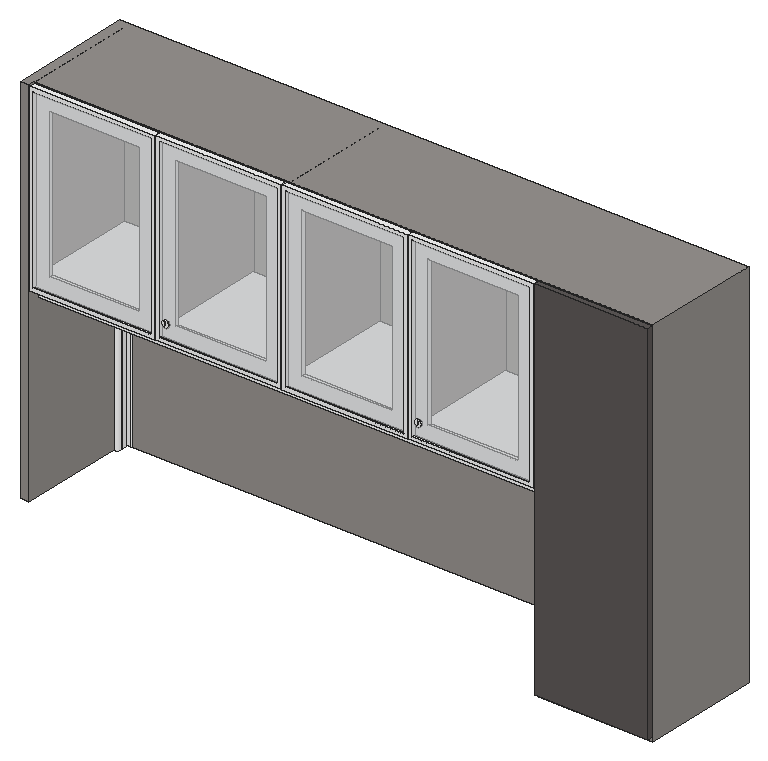
Revit family "Storage-Mounted-Teknion-B_ELG_Single_Tower_Hutch-R2015", category Furniture, Revit 2015
Parameters (values of type "1-3/16" Thick WS")
  Width [instance] = 72.000"
  Warranty = "http://www.teknion.com/ca/papers/legal-canada"
  Unit Weight URL = "http://www.teknion.com/ca/tools/assets#&asset=bee6a381-b954-425e-8283-5a2de3a804f2,f828d448-4b62-4231-9e5f-9a8991c0ed77"
  URL = "www.teknion.com"
  Sustainability Data = "http://www.teknion.com/ca/tools/assets#&topic=216f99a5-57a0-44fc-b10a-9dee9b29ae4c&asset=444deb64-fe58-4b68-981e-f75e97781df7"
  Series = "Expansion Casegoods"  # constant formula
  Product Page URL = "http://www.teknion.com/ca/products/product-details?productlineid=0053336e-8e7a-673b-a6c8-ff00004460c4"
  Product Line = "Expansion Casegoods"  # constant formula
  Product Documentation Link = "http://www.teknion.com/pricing/expansion-casegoods/pdfs/B_ELG_ppg.pdf"
  Part Number = "B_ELG"  # constant formula
  Note [instance] = "Available Widths range from 36 to 84 inches in 6 inch increments. Available Heights are 37 and 43 inches."  # constant formula
  Model = "BMELG15___"
  Manufacturer Phone = "416-661-3370"  # constant formula
  Manufacturer Fax = "416.661.4586"  # constant formula
  Manufacturer Contact Information = "http://www.teknion.com/ca/contactus"
  Manufacturer Address = "1150 Flint Road, Toronto, ON. M3J 2J5. Canada"  # constant formula
  Manufacturer = "Teknion"  # constant formula
  Height [instance] = 43.000"
  Hardware Finish [instance] = Mica - Teknion - V - Satin - Very White
  Glass Finish [instance] = Glass - Teknion - FT - Frosted Glass
  Frame Finish [instance] = Mica - Teknion - V - Satin - Very White
  Door Finish [instance] = Veneer - Teknion - VB - Flintwood - Black Walnut
  Description = "Single Tower Hutch – Solid and Glass Doors, 1-3/16\" Thick WS, 15\" Depth"
  Case Finish [instance] = Source Laminate - Teknion - DE - Latte
  Assembly Code = "E2020200"
  Actual Width [instance] = if(Width = 36.000", 35.819", if(Width = 42.000", 41.791", if(Width = 48.000", 47.760", if(Width = 54.000", 53.728", if(Width = 60.000", 59.701", if(Width = 66.000", 65.669", if(Width = 72.000", 71.642", if(Width = 78.000", 77.610", 83.579"))))))))  # 71.642"
  Actual Height [instance] = if(Height = 43.000", 42.594", 36.354")  # 42.594"
  4 Cabinets [instance] = or(Width = 72.000", Width = 78.000", Width = 84.000")  # yes
  3 Cabinets [instance] = or(Width = 54.000", Width = 60.000", Width = 66.000")  # no
  2 Cabinets Divider [instance] = or([2 Cabinets], [4 Cabinets])  # yes
  2 Cabinets [instance] = or(Width = 36.000", Width = 42.000", Width = 48.000")  # no
Reference planes (in)
  plane 1 "Center Front/Back": y = 0
  plane 2: z = 0
  plane 3 "Center Left/Right": x = 0
  plane 4 "Left": x = -35.821
  plane 5 "Right": x = 35.821
  plane 6 "Back": y = 7.12598
  plane 7 "Front": y = -6.4252
  plane 8 "Top": z = 71.34355
  plane 9: z = 28.74955
  plane 10: x = -34.80525
  plane 11: y = 6.4252
  plane 12: x = 22.80525
  plane 13: z = 71.22544
  plane 14: y = -7.12598
  plane 15: z = 29.23331
  plane 16: z = 50.31599
  plane 17: x = -20.40263
  plane 18: x = -6
  plane 19: x = 8.40263
  plane 20: x = -15.60175
  plane 21: x = 3.60175
  plane 22: y = -6.77165
  plane 23: y = -7.00787
Forms (in)
  Extrusion 1, solid, material "Source Laminate - Teknion - DE - Latte" <- "Case Finish"
    sketch origin (0, 0, 0) x (1, 0, 0) y (0, 1, 0)
      loop
        line (-35.821, 7.12598) -> (-35.821, -7.12598) -> (-34.80525, -7.12598) -> (-34.80525, -6.4252) -> (35.821, -6.4252) -> (35.821, 7.12598) -> (-35.821, 7.12598)
    from 28.74955 to 71.34355
  Extrusion 2, void
    sketch origin (0, -6.4252, 0) x (-1, 0, 0) y (0, 0, -1)
      loop
        line (34.80525, -28.74955) -> (-22.80525, -28.74955) -> (-22.80525, -71.22544) -> (34.80525, -71.22544) -> (34.80525, -28.74955)
    from -12.85039 to 0
  Extrusion 3, solid, material "Mica - Teknion - V - Satin - Very White" <- "Hardware Finish"
    sketch origin (0, 0, 0) x (1, 0, 0) y (0, 1, 0)
      loop
        line (-33.93832, 6.4252) -> (-34.80525, 6.4252) -> (-34.80525, 4.92454)
        arc (-34.80525, 4.92454) -> (-34.48542, 5.0411) -> (-34.31509, 5.33583) r 0.49823
        line (-34.31509, 5.33583) -> (-34.72651, 5.33583) -> (-34.72651, 5.78425) -> (-34.39383, 5.78425) -> (-34.39383, 5.66181) -> (-34.31509, 5.66181) -> (-34.31509, 6.01181) -> (-34.72651, 6.01181) -> (-34.72651, 6.34646) -> (-34.00397, 6.34646) -> (-33.93832, 6.4252)
    from 28.74955 to 50.31599
  Extrusion 4, solid, material "Mica - Teknion - V - Satin - Very White" <- "Hardware Finish"
    sketch origin (-12, 0, 0) x (-1, 0, 0) y (0, -1, 0)
      loop
        line (-33.93832, -6.4252) -> (-34.00397, -6.34646) -> (-34.72651, -6.34646) -> (-34.72651, -6.01181) -> (-34.31509, -6.01181) -> (-34.31509, -5.66181) -> (-34.39383, -5.66181) -> (-34.39383, -5.78425) -> (-34.72651, -5.78425) -> (-34.72651, -5.33583) -> (-34.31509, -5.33583)
        arc (-34.31509, -5.33583) -> (-34.48542, -5.0411) -> (-34.80525, -4.92454) r 0.49823
        line (-34.80525, -4.92454) -> (-34.80525, -6.4252) -> (-33.93832, -6.4252)
    from 28.74955 to 50.31599
  Extrusion 5, solid, material "Mica - Teknion - V - Satin - Very White" <- "Hardware Finish"
    sketch origin (0, 0, 0) x (0, 1, 0) y (0, 0, 1)
      loop
        line (-5.12992, 50.31599) -> (6.4252, 50.31599) -> (6.4252, 51.53646) -> (-6.4252, 51.53646) -> (-6.4252, 50.53646) -> (-5.8622, 50.53646) -> (-5.8622, 49.15851) -> (-5.12992, 49.15851) -> (-5.12992, 50.31599)
    from -34.80525 to 22.80525
  Extrusion 6, solid, material "Mica - Teknion - V - Satin - Very White" <- "Frame Finish", visible <- "4 Cabinets"
    sketch origin (0, -6.4252, 0) x (-1, 0, 0) y (0, 0, -1)
      loop
        line (34.7462, -71.22544) -> (34.7462, -50.33961) -> (20.46168, -50.33961) -> (20.46168, -71.22544) -> (34.7462, -71.22544)
      loop
        line (20.85538, -50.73331) -> (20.85538, -70.83174) -> (34.3525, -70.83174) -> (34.3525, -50.73331) -> (20.85538, -50.73331)
    from 0 to 0.70079
  Extrusion 7, solid, material "Glass - Teknion - FT - Frosted Glass" <- "Glass Finish", visible <- "4 Cabinets"
    sketch origin (0, -6.4252, 0) x (-1, 0, 0) y (0, 0, -1)
      loop
        line (34.3525, -70.83174) -> (34.3525, -50.73331) -> (20.85538, -50.73331) -> (20.85538, -70.83174) -> (34.3525, -70.83174)
    from 0.34646 to 0.58268
  Extrusion 8, solid, material "Source Laminate - Teknion - DE - Latte" <- "Case Finish", visible <- "4 Cabinets"
    sketch origin (0, 0, 0) x (1, 0, 0) y (0, 1, 0)
      loop
        line (-20.05183, -6.4252) -> (-20.05183, 6.4252) -> (-20.75283, 6.4252) -> (-20.75283, -6.4252) -> (-20.05183, -6.4252)
    from 51.53646 to 71.22544
  Extrusion 9, solid, material "Source Laminate - Teknion - DE - Latte" <- "Case Finish", visible <- "2 Cabinets Divider"
    sketch origin (17.38681, 0, 0) x (1, 0, 0) y (0, 1, 0)
      loop
        line (-23.03601, -6.4252) -> (-23.03601, 6.4252) -> (-23.73701, 6.4252) -> (-23.73701, -6.4252) -> (-23.03601, -6.4252)
    from 51.53646 to 71.22544
  Extrusion 10, solid, material "Source Laminate - Teknion - DE - Latte" <- "Case Finish", visible <- "4 Cabinets"
    sketch origin (34.77362, 0, 0) x (1, 0, 0) y (0, 1, 0)
      loop
        line (-26.0202, -6.4252) -> (-26.0202, 6.4252) -> (-26.7212, 6.4252) -> (-26.7212, -6.4252) -> (-26.0202, -6.4252)
    from 51.53646 to 71.22544
  Extrusion 11, solid, material "Veneer - Teknion - VB - Flintwood - Black Walnut" <- "Door Finish"
    sketch origin (0, -6.4252, 0) x (-1, 0, 0) y (0, 0, -1)
      loop
        line (-35.76194, -29.23331) -> (-35.76194, -71.22555) -> (-22.86431, -71.22555) -> (-22.86431, -29.23331) -> (-35.76194, -29.23331)
    from 0 to 0.70079
  Extrusion 12, solid, material "Mica - Teknion - V - Satin - Very White" <- "Frame Finish", visible <- "4 Cabinets"
    sketch origin (17.38681, -6.4252, 0) x (-1, 0, 0) y (0, 0, -1)
      loop
        line (37.73038, -71.22544) -> (37.73038, -50.33961) -> (23.44587, -50.33961) -> (23.44587, -71.22544) -> (37.73038, -71.22544)
      loop
        line (23.83957, -50.73331) -> (23.83957, -70.83174) -> (37.33668, -70.83174) -> (37.33668, -50.73331) -> (23.83957, -50.73331)
    from 0 to 0.70079
  Extrusion 13, solid, material "Glass - Teknion - FT - Frosted Glass" <- "Glass Finish", visible <- "4 Cabinets"
    sketch origin (17.38681, -6.4252, 0) x (-1, 0, 0) y (0, 0, -1)
      loop
        line (37.33668, -70.83174) -> (37.33668, -50.73331) -> (23.83957, -50.73331) -> (23.83957, -70.83174) -> (37.33668, -70.83174)
    from 0.34646 to 0.58268
  Extrusion 14, solid, material "Mica - Teknion - V - Satin - Very White" <- "Frame Finish", visible <- "4 Cabinets"
    sketch origin (34.77362, -6.4252, 0) x (-1, 0, 0) y (0, 0, -1)
      loop
        line (40.71457, -71.22544) -> (40.71457, -50.33961) -> (26.43005, -50.33961) -> (26.43005, -71.22544) -> (40.71457, -71.22544)
      loop
        line (26.82375, -50.73331) -> (26.82375, -70.83174) -> (40.32087, -70.83174) -> (40.32087, -50.73331) -> (26.82375, -50.73331)
    from 0 to 0.70079
  Extrusion 15, solid, material "Glass - Teknion - FT - Frosted Glass" <- "Glass Finish", visible <- "4 Cabinets"
    sketch origin (34.77362, -6.4252, 0) x (-1, 0, 0) y (0, 0, -1)
      loop
        line (40.32087, -70.83174) -> (40.32087, -50.73331) -> (26.82375, -50.73331) -> (26.82375, -70.83174) -> (40.32087, -70.83174)
    from 0.34646 to 0.58268
  Extrusion 16, solid, material "Mica - Teknion - V - Satin - Very White" <- "Frame Finish", visible <- "4 Cabinets"
    sketch origin (52.16043, -6.4252, 0) x (-1, 0, 0) y (0, 0, -1)
      loop
        line (43.69875, -71.22544) -> (43.69875, -50.33961) -> (29.41424, -50.33961) -> (29.41424, -71.22544) -> (43.69875, -71.22544)
      loop
        line (29.80794, -50.73331) -> (29.80794, -70.83174) -> (43.30505, -70.83174) -> (43.30505, -50.73331) -> (29.80794, -50.73331)
    from 0 to 0.70079
  Extrusion 17, solid, material "Glass - Teknion - FT - Frosted Glass" <- "Glass Finish", visible <- "4 Cabinets"
    sketch origin (52.16043, -6.4252, 0) x (-1, 0, 0) y (0, 0, -1)
      loop
        line (43.30505, -70.83174) -> (43.30505, -50.73331) -> (29.80794, -50.73331) -> (29.80794, -70.83174) -> (43.30505, -70.83174)
    from 0.34646 to 0.58268
  Extrusion 18, solid, material "Mica - Teknion - V - Satin - Very White", visible <- "4 Cabinets"
    sketch origin (0, -6.4252, 0) x (-1, 0, 0) y (0, 0, -1)
      loop
        line (19.25105, -52.57435) -> (19.25105, -52.20034) -> (19.15263, -52.20034) -> (19.15263, -52.57435) -> (19.25105, -52.57435)
      loop
        circle (19.19882, -52.3849) r 0.38929
    from 0.70079 to 0.75984
  Extrusion 19, solid, material "Mica - Teknion - V - Satin - Very White", visible <- "4 Cabinets"
    sketch origin (34.77497, -6.4252, 0) x (-1, 0, 0) y (0, 0, -1)
      loop
        line (25.21942, -52.57435) -> (25.21942, -52.20034) -> (25.121, -52.20034) -> (25.121, -52.57435) -> (25.21942, -52.57435)
      loop
        circle (25.16719, -52.3849) r 0.38929
    from 0.70079 to 0.75984
  Extrusion 20, solid, material "Mica - Teknion - V - Satin - Very White" <- "Frame Finish", visible <- "4 Cabinets"
    sketch origin (0, -6.77165, 0.00049) x (1, 0, 0) y (0, 0, 1)
      loop
        line (-32.77769, 69.25694) -> (-32.77769, 52.30812) -> (-22.43019, 52.30812) -> (-22.43019, 69.25694) -> (-32.77769, 69.25694)
      loop
        line (-34.3525, 70.83125) -> (-34.3525, 50.73283) -> (-20.85538, 50.73283) -> (-20.85538, 70.83125) -> (-34.3525, 70.83125)
    from -0.34646 to 0
  Extrusion 21, solid, material "Mica - Teknion - V - Satin - Very White" <- "Frame Finish", visible <- "4 Cabinets"
    sketch origin (15.89463, -6.77165, 0.00049) x (1, 0, 0) y (0, 0, 1)
      loop
        line (-34.26969, 69.25694) -> (-34.26969, 52.30812) -> (-23.92219, 52.30812) -> (-23.92219, 69.25694) -> (-34.26969, 69.25694)
      loop
        line (-35.8445, 70.83125) -> (-35.8445, 50.73283) -> (-22.34738, 50.73283) -> (-22.34738, 70.83125) -> (-35.8445, 70.83125)
    from -0.34646 to 0
  Extrusion 22, solid, material "Mica - Teknion - V - Satin - Very White" <- "Frame Finish", visible <- "4 Cabinets"
    sketch origin (31.78925, -6.77165, 0.00049) x (1, 0, 0) y (0, 0, 1)
      loop
        line (-35.76169, 69.25694) -> (-35.76169, 52.30812) -> (-25.41419, 52.30812) -> (-25.41419, 69.25694) -> (-35.76169, 69.25694)
      loop
        line (-37.3365, 70.83125) -> (-37.3365, 50.73283) -> (-23.83938, 50.73283) -> (-23.83938, 70.83125) -> (-37.3365, 70.83125)
    from -0.34646 to 0
  Extrusion 23, solid, material "Mica - Teknion - V - Satin - Very White" <- "Frame Finish", visible <- "4 Cabinets"
    sketch origin (47.68388, -6.77165, 0.00049) x (1, 0, 0) y (0, 0, 1)
      loop
        line (-37.25369, 69.25694) -> (-37.25369, 52.30812) -> (-26.90619, 52.30812) -> (-26.90619, 69.25694) -> (-37.25369, 69.25694)
      loop
        line (-38.8285, 70.83125) -> (-38.8285, 50.73283) -> (-25.33138, 50.73283) -> (-25.33138, 70.83125) -> (-38.8285, 70.83125)
    from -0.34646 to 0
  Extrusion 24, solid, material "Mica - Teknion - V - Satin - Very White" <- "Frame Finish", visible <- "3 Cabinets"
    sketch origin (0, -6.77165, 0.00049) x (1, 0, 0) y (0, 0, 1)
      loop
        line (-34.74649, 71.22495) -> (-34.74649, 50.33913) -> (-15.661, 50.33913) -> (-15.661, 71.22495) -> (-34.74649, 71.22495)
      loop
        line (-16.0547, 50.73283) -> (-16.0547, 70.83125) -> (-34.35279, 70.83125) -> (-34.35279, 50.73283) -> (-16.0547, 50.73283)
    from -0.34646 to 0.35433
  Extrusion 25, solid, material "Mica - Teknion - V - Satin - Very White" <- "Frame Finish", visible <- "3 Cabinets"
    sketch origin (0, -6.77165, 0.00049) x (1, 0, 0) y (0, 0, 1)
      loop
        line (-34.35279, 70.83125) -> (-34.35279, 50.73283) -> (-16.0547, 50.73283) -> (-16.0547, 70.83125) -> (-34.35279, 70.83125)
      loop
        line (-32.77798, 69.25645) -> (-32.77798, 52.30763) -> (-17.6295, 52.30763) -> (-17.6295, 69.25645) -> (-32.77798, 69.25645)
    from -0.34646 to 0
  Extrusion 26, solid, material "Glass - Teknion - FT - Frosted Glass" <- "Glass Finish", visible <- "3 Cabinets"
    sketch origin (0, -6.77165, 0.00049) x (1, 0, 0) y (0, 0, 1)
      loop
        line (-34.35279, 70.83125) -> (-34.35279, 50.73283) -> (-16.0547, 50.73283) -> (-16.0547, 70.83125) -> (-34.35279, 70.83125)
    from 0 to 0.23622
  Extrusion 27, solid, material "Mica - Teknion - V - Satin - Very White" <- "Frame Finish", visible <- "3 Cabinets"
    sketch origin (17.2126, -6.77165, 0.00049) x (1, 0, 0) y (0, 0, 1)
      loop
        line (-32.75549, 71.22495) -> (-32.75549, 50.33913) -> (-13.67, 50.33913) -> (-13.67, 71.22495) -> (-32.75549, 71.22495)
      loop
        line (-14.0637, 50.73283) -> (-14.0637, 70.83125) -> (-32.36179, 70.83125) -> (-32.36179, 50.73283) -> (-14.0637, 50.73283)
    from -0.34646 to 0.35433
  Extrusion 28, solid, material "Mica - Teknion - V - Satin - Very White" <- "Frame Finish", visible <- "3 Cabinets"
    sketch origin (17.2126, -6.77165, 0.00049) x (1, 0, 0) y (0, 0, 1)
      loop
        line (-32.36179, 70.83125) -> (-32.36179, 50.73283) -> (-14.0637, 50.73283) -> (-14.0637, 70.83125) -> (-32.36179, 70.83125)
      loop
        line (-30.78698, 69.25645) -> (-30.78698, 52.30763) -> (-15.6385, 52.30763) -> (-15.6385, 69.25645) -> (-30.78698, 69.25645)
    from -0.34646 to 0
  Extrusion 29, solid, material "Glass - Teknion - FT - Frosted Glass" <- "Glass Finish", visible <- "3 Cabinets"
    sketch origin (17.2126, -6.77165, 0.00049) x (1, 0, 0) y (0, 0, 1)
      loop
        line (-32.36179, 70.83125) -> (-32.36179, 50.73283) -> (-14.0637, 50.73283) -> (-14.0637, 70.83125) -> (-32.36179, 70.83125)
    from 0 to 0.23622
  Extrusion 30, solid, material "Mica - Teknion - V - Satin - Very White" <- "Frame Finish", visible <- "3 Cabinets"
    sketch origin (34.4252, -6.77165, 0.00049) x (1, 0, 0) y (0, 0, 1)
      loop
        line (-30.76449, 71.22495) -> (-30.76449, 50.33913) -> (-11.679, 50.33913) -> (-11.679, 71.22495) -> (-30.76449, 71.22495)
      loop
        line (-12.0727, 50.73283) -> (-12.0727, 70.83125) -> (-30.37079, 70.83125) -> (-30.37079, 50.73283) -> (-12.0727, 50.73283)
    from -0.34646 to 0.35433
  Extrusion 31, solid, material "Mica - Teknion - V - Satin - Very White" <- "Frame Finish", visible <- "3 Cabinets"
    sketch origin (34.4252, -6.77165, 0.00049) x (1, 0, 0) y (0, 0, 1)
      loop
        line (-31.2761, 70.83125) -> (-31.2761, 50.73283) -> (-12.0727, 50.73283) -> (-12.0727, 70.83125) -> (-31.2761, 70.83125)
      loop
        line (-28.79598, 69.25645) -> (-28.79598, 52.30763) -> (-13.6475, 52.30763) -> (-13.6475, 69.25645) -> (-28.79598, 69.25645)
    from -0.34646 to 0
  Extrusion 32, solid, material "Glass - Teknion - FT - Frosted Glass" <- "Glass Finish", visible <- "3 Cabinets"
    sketch origin (34.4252, -6.77165, 0.00049) x (1, 0, 0) y (0, 0, 1)
      loop
        line (-30.37079, 70.83125) -> (-30.37079, 50.73283) -> (-12.0727, 50.73283) -> (-12.0727, 70.83125) -> (-30.37079, 70.83125)
    from 0 to 0.23622
  Extrusion 33, solid, material "Mica - Teknion - V - Satin - Very White", visible <- "3 Cabinets"
    sketch origin (0, -6.77165, 0.00049) x (1, 0, 0) y (0, 0, 1)
      loop
        line (4.85165, 52.57338) -> (4.75323, 52.57338) -> (4.75323, 52.19936) -> (4.85165, 52.19936) -> (4.85165, 52.57338)
      loop
        circle (4.80244, 52.38637) r 0.4
    from 0.35433 to 0.41339
  Extrusion 34, solid, material "Mica - Teknion - V - Satin - Very White", visible <- "3 Cabinets"
    sketch origin (-17.2126, -6.77165, 0.00049) x (1, 0, 0) y (0, 0, 1)
      loop
        line (2.86065, 52.57338) -> (2.76223, 52.57338) -> (2.76223, 52.19936) -> (2.86065, 52.19936) -> (2.86065, 52.57338)
      loop
        circle (2.81144, 52.38637) r 0.4
    from 0.35433 to 0.41339
  Extrusion 35, solid, material "Mica - Teknion - V - Satin - Very White" <- "Frame Finish", visible <- "2 Cabinets"
    sketch origin (0, -6.77165, 0.00049) x (1, 0, 0) y (0, 0, 1)
      loop
        line (-34.74604, 71.22495) -> (-34.74604, 50.33913) -> (-6.05898, 50.33913) -> (-6.05898, 71.22495) -> (-34.74604, 71.22495)
      loop
        line (-6.45268, 50.73283) -> (-6.45268, 70.83125) -> (-34.35234, 70.83125) -> (-34.35234, 50.73283) -> (-6.45268, 50.73283)
    from -0.34646 to 0.35433
  Extrusion 36, solid, material "Glass - Teknion - FT - Frosted Glass" <- "Glass Finish", visible <- "2 Cabinets"
    sketch origin (0, -6.77165, 0.00049) x (1, 0, 0) y (0, 0, 1)
      loop
        line (-34.35234, 70.83125) -> (-34.35234, 50.73283) -> (-6.45268, 50.73283) -> (-6.45268, 70.83125) -> (-34.35234, 70.83125)
    from 0 to 0.23622
  Extrusion 37, solid, material "Mica - Teknion - V - Satin - Very White" <- "Frame Finish", visible <- "2 Cabinets"
    sketch origin (0, -6.77165, 0.00049) x (1, 0, 0) y (0, 0, 1)
      loop
        line (-34.35234, 70.83125) -> (-34.35234, 50.73283) -> (-6.45268, 50.73283) -> (-6.45268, 70.83125) -> (-34.35234, 70.83125)
      loop
        line (-8.02748, 52.30763) -> (-8.02748, 69.25645) -> (-32.77754, 69.25645) -> (-32.77754, 52.30763) -> (-8.02748, 52.30763)
    from -0.34646 to 0
  Extrusion 38, solid, material "Mica - Teknion - V - Satin - Very White" <- "Frame Finish", visible <- "2 Cabinets"
    sketch origin (16.86417, -6.77165, 0.00049) x (1, 0, 0) y (0, 0, 1)
      loop
        line (-22.80504, 71.22495) -> (-22.80504, 50.33913) -> (5.88202, 50.33913) -> (5.88202, 71.22495) -> (-22.80504, 71.22495)
      loop
        line (5.48832, 50.73283) -> (5.48832, 70.83125) -> (-22.41134, 70.83125) -> (-22.41134, 50.73283) -> (5.48832, 50.73283)
    from -0.34646 to 0.35433
  Extrusion 39, solid, material "Glass - Teknion - FT - Frosted Glass" <- "Glass Finish", visible <- "2 Cabinets"
    sketch origin (16.86417, -6.77165, 0.00049) x (1, 0, 0) y (0, 0, 1)
      loop
        line (-22.41134, 70.83125) -> (-22.41134, 50.73283) -> (5.48832, 50.73283) -> (5.48832, 70.83125) -> (-22.41134, 70.83125)
    from 0 to 0.23622
  Extrusion 40, solid, material "Mica - Teknion - V - Satin - Very White" <- "Frame Finish", visible <- "2 Cabinets"
    sketch origin (16.86417, -6.77165, 0.00049) x (1, 0, 0) y (0, 0, 1)
      loop
        line (-22.41134, 70.83125) -> (-22.41134, 50.73283) -> (5.48832, 50.73283) -> (5.48832, 70.83125) -> (-22.41134, 70.83125)
      loop
        line (3.91352, 52.30763) -> (3.91352, 69.25645) -> (-20.83654, 69.25645) -> (-20.83654, 52.30763) -> (3.91352, 52.30763)
    from -0.34646 to 0
  Extrusion 41, solid, material "Mica - Teknion - V - Satin - Very White", visible <- "2 Cabinets"
    sketch origin (0, -6.77165, 0.00049) x (1, 0, 0) y (0, 0, 1)
      loop
        line (-4.74992, 52.57338) -> (-4.84835, 52.57338) -> (-4.84835, 52.19936) -> (-4.74992, 52.19936) -> (-4.74992, 52.57338)
      loop
        circle (-4.79913, 52.38637) r 0.39397
    from 0.35433 to 0.41339
  Extrusion 42, solid, material "Source Laminate - Teknion - DE - Latte" <- "Case Finish", visible <- "3 Cabinets"
    sketch origin (2.90804, 0, 0) x (1, 0, 0) y (0, 1, 0)
      loop
        line (-18.15879, -6.4252) -> (-18.15879, 6.4252) -> (-18.86079, 6.4252) -> (-18.86079, -6.4252) -> (-18.15879, -6.4252)
    from 51.53646 to 71.22544
  Extrusion 43, solid, material "Source Laminate - Teknion - DE - Latte" <- "Case Finish", visible <- "3 Cabinets"
    sketch origin (16.14021, 0, 0) x (1, 0, 0) y (0, 1, 0)
      loop
        line (-12.18796, -6.4252) -> (-12.18796, 6.4252) -> (-12.88896, 6.4252) -> (-12.88896, -6.4252) -> (-12.18796, -6.4252)
    from 51.53646 to 71.22544
Cuts and joins
  Extrusion 2 cuts Extrusion 1
Lines and regions (in)
  Masking region 1
    outline origin (0, 0, 0) x (1, 0, 0) y (0, 1, 0)
      loop
        line (-35.821, 7.12598) -> (-35.821, -7.12598) -> (-34.80525, -7.12598) -> (-34.80525, -6.4252) -> (35.821, -6.4252) -> (35.821, 7.12598) -> (-35.821, 7.12598)
  Masking region 2
    outline origin (0, 0, 0) x (1, 0, 0) y (0, 1, 0)
      loop
        line (22.86431, -6.4252) -> (22.86431, -7.12598) -> (35.76194, -7.12598) -> (35.76194, -6.4252) -> (22.86431, -6.4252)
  Masking region 3, visible <- "4 Cabinets"
    outline origin (0, 0, 0) x (1, 0, 0) y (0, 1, 0)
      loop
        line (-34.74604, -6.4252) -> (-34.74604, -7.12598) -> (-20.46168, -7.12598) -> (-20.46168, -6.4252) -> (-34.74604, -6.4252)
  Masking region 4, visible <- "4 Cabinets"
    outline origin (0, 0, 0) x (1, 0, 0) y (0, 1, 0)
      loop
        line (-20.34357, -6.4252) -> (-20.34357, -7.12598) -> (-6.05898, -7.12598) -> (-6.05898, -6.4252) -> (-20.34357, -6.4252)
  Masking region 5, visible <- "4 Cabinets"
    outline origin (0, 0, 0) x (1, 0, 0) y (0, 1, 0)
      loop
        line (-5.94087, -6.4252) -> (-5.94087, -7.12598) -> (8.34357, -7.12598) -> (8.34357, -6.4252) -> (-5.94087, -6.4252)
  Masking region 6, visible <- "4 Cabinets"
    outline origin (0, 0, 0) x (1, 0, 0) y (0, 1, 0)
      loop
        line (8.46168, -6.4252) -> (8.46168, -7.12598) -> (22.7462, -7.12598) -> (22.7462, -6.4252) -> (8.46168, -6.4252)
  Masking region 7, visible <- "2 Cabinets"
    outline origin (0, 0, 0) x (1, 0, 0) y (0, 1, 0)
      loop
        line (-5.94087, -7.12598) -> (22.7462, -7.12598) -> (22.7462, -6.4252) -> (-5.94087, -6.4252) -> (-5.94087, -7.12598)
  Masking region 8, visible <- "2 Cabinets"
    outline origin (0, 0, 0) x (1, 0, 0) y (0, 1, 0)
      loop
        line (-6.05898, -7.12598) -> (-6.05898, -6.4252) -> (-34.74649, -6.4252) -> (-34.74649, -7.12598) -> (-6.05898, -7.12598)
  Masking region 9, visible <- "3 Cabinets"
    outline origin (0, 0, 0) x (1, 0, 0) y (0, 1, 0)
      loop
        line (-34.74604, -7.12598) -> (-15.661, -7.12598) -> (-15.661, -6.4252) -> (-34.74604, -6.4252) -> (-34.74604, -7.12598)
  Masking region 10, visible <- "3 Cabinets"
    outline origin (0, 0, 0) x (1, 0, 0) y (0, 1, 0)
      loop
        line (-15.54289, -6.4252) -> (-15.54289, -7.12598) -> (3.5426, -7.12598) -> (3.5426, -6.4252) -> (-15.54289, -6.4252)
  Masking region 11, visible <- "3 Cabinets"
    outline origin (0, 0, 0) x (1, 0, 0) y (0, 1, 0)
      loop
        line (3.66071, -7.12598) -> (22.7462, -7.12598) -> (22.7462, -6.4252) -> (3.66071, -6.4252) -> (3.66071, -7.12598)
  symbolic lines, style "FurnitureHiddenLines", detail levels medium+fine
    curve 1: line (-34.80525, -6.4252, 0) -> (-34.80525, 6.4252, 0)
    curve 2: line (22.80525, 6.4252, 0) -> (-34.80525, 6.4252, 0)
    curve 3: line (22.80525, -6.4252, 0) -> (22.80525, 6.4252, 0)
  symbolic lines, style "FurnitureHiddenLines", visible <- "4 Cabinets", detail levels medium+fine
    curve 4: line (-20.75283, 6.4252, 0) -> (-20.75283, -6.4252, 0)
    curve 5: line (-20.05183, -6.4252, 0) -> (-20.05183, 6.4252, 0)
    curve 8: line (8.05242, 6.4252, 0) -> (8.05242, -6.4252, 0)
    curve 9: line (8.75342, -6.4252, 0) -> (8.75342, 6.4252, 0)
  symbolic lines, style "FurnitureHiddenLines", visible <- "2 Cabinets Divider", detail levels medium+fine
    curve 6: line (-6.3502, 6.4252, 0) -> (-6.3502, -6.4252, 0)
    curve 7: line (-5.6492, -6.4252, 0) -> (-5.6492, 6.4252, 0)
  symbolic lines, style "FurnitureHiddenLines", visible <- "3 Cabinets", detail levels medium+fine
    curve 10: line (-15.95275, 6.4252, 0) -> (-15.95275, -6.4252, 0)
    curve 11: line (-15.25075, -6.4252, 0) -> (-15.25075, 6.4252, 0)
    curve 12: line (3.25125, 6.4252, 0) -> (3.25125, -6.4252, 0)
    curve 13: line (3.95225, -6.4252, 0) -> (3.95225, 6.4252, 0)
  symbolic lines, style "FurnitureHiddenLines", visible <- "4 Cabinets", detail levels fine
    curve 14: line (-34.35234, -7.12598, 0) -> (-34.35234, -6.4252, 0)
    curve 15: line (-32.77754, -6.77165, 0) -> (-32.77754, -6.4252, 0)
    curve 16: line (-22.43019, -6.4252, 0) -> (-22.43019, -6.77165, 0)
    curve 17: line (-20.85538, -6.4252, 0) -> (-20.85538, -7.12598, 0)
    curve 18: line (-34.35234, -7.00787, 0) -> (-20.85538, -7.00787, 0)
    curve 19: line (-34.35234, -6.77165, 0) -> (-20.85538, -6.77165, 0)
    curve 20: line (-19.94987, -7.12598, 0) -> (-19.94987, -6.4252, 0)
    curve 21: line (-19.94987, -7.00787, 0) -> (-6.45268, -7.00787, 0)
    curve 22: line (-6.45268, -6.4252, 0) -> (-6.45268, -7.12598, 0)
    curve 23: line (-8.02748, -6.4252, 0) -> (-8.02748, -6.77165, 0)
    curve 24: line (-19.94987, -6.77165, 0) -> (-6.45268, -6.77165, 0)
    curve 25: line (-18.37507, -6.77165, 0) -> (-18.37507, -6.4252, 0)
    curve 26: line (-5.54717, -7.12598, 0) -> (-5.54717, -6.4252, 0)
    curve 27: line (-5.54717, -6.77165, 0) -> (7.94987, -6.77165, 0)
    curve 28: line (7.94987, -7.00787, 0) -> (-5.54717, -7.00787, 0)
    curve 29: line (-3.97236, -6.77165, 0) -> (-3.97236, -6.4252, 0)
    curve 30: line (7.94987, -6.4252, 0) -> (7.94987, -7.12598, 0)
    curve 31: line (6.37507, -6.4252, 0) -> (6.37507, -6.77165, 0)
    curve 32: line (8.85538, -7.12598, 0) -> (8.85538, -6.4252, 0)
    curve 33: line (22.3525, -6.4252, 0) -> (22.3525, -7.12598, 0)
    curve 34: line (8.85538, -6.77165, 0) -> (22.3525, -6.77165, 0)
    curve 35: line (8.85538, -7.00787, 0) -> (22.3525, -7.00787, 0)
    curve 36: line (10.43019, -6.77165, 0) -> (10.43019, -6.4252, 0)
    curve 37: line (20.77769, -6.4252, 0) -> (20.77769, -6.77165, 0)
  symbolic lines, style "FurnitureHiddenLines", visible <- "2 Cabinets", detail levels fine
    curve 38: line (-34.35234, -7.12598, 0) -> (-34.35234, -6.4252, 0)
    curve 39: line (-34.35234, -6.77165, 0) -> (-6.45268, -6.77165, 0)
    curve 40: line (-34.35234, -7.00787, 0) -> (-6.45268, -7.00787, 0)
    curve 41: line (-32.77754, -6.77165, 0) -> (-32.77754, -6.4252, 0)
    curve 42: line (-6.45268, -6.4252, 0) -> (-6.45268, -7.12598, 0)
    curve 43: line (-8.02748, -6.4252, 0) -> (-8.02748, -6.77165, 0)
    curve 44: line (-5.54717, -7.12598, 0) -> (-5.54717, -6.4252, 0)
    curve 45: line (-5.54717, -6.77165, 0) -> (22.3525, -6.77165, 0)
    curve 46: line (-5.54717, -7.00787, 0) -> (22.3525, -7.00787, 0)
    curve 47: line (-3.97236, -6.77165, 0) -> (-3.97236, -6.4252, 0)
    curve 48: line (20.77769, -6.4252, 0) -> (20.77769, -6.77165, 0)
    curve 49: line (22.3525, -6.4252, 0) -> (22.3525, -7.12598, 0)
  symbolic lines, style "FurnitureHiddenLines", visible <- "3 Cabinets", detail levels fine
    curve 50: line (-34.35234, -7.12598, 0) -> (-34.35234, -6.4252, 0)
    curve 51: line (-16.0547, -6.77165, 0) -> (-34.35279, -6.77165, 0)
    curve 52: line (-34.35279, -7.00787, 0) -> (-16.0547, -7.00787, 0)
    curve 53: line (-16.0547, -6.4252, 0) -> (-16.0547, -7.12598, 0)
    curve 54: line (-16.0547, -6.77165, 0) -> (-34.35279, -6.77165, 0)
    curve 55: line (-34.35279, -7.00787, 0) -> (-16.0547, -7.00787, 0)
    curve 56: line (-17.6295, -6.4252, 0) -> (-17.6295, -6.77165, 0)
    curve 57: line (-15.14919, -7.12598, 0) -> (-15.14919, -6.4252, 0)
    curve 58: line (-15.14919, -7.00787, 0) -> (3.1489, -7.00787, 0)
    curve 59: line (3.1489, -6.77165, 0) -> (-15.14919, -6.77165, 0)
    curve 60: line (-13.57439, -6.77165, 0) -> (-13.57439, -6.4252, 0)
    curve 61: line (1.57409, -6.4252, 0) -> (1.57409, -6.77165, 0)
    curve 62: line (3.1489, -6.4252, 0) -> (3.1489, -7.12598, 0)
    curve 63: line (4.05441, -7.12598, 0) -> (4.05441, -6.4252, 0)
    curve 64: line (22.3525, -7.00787, 0) -> (4.05441, -7.00787, 0)
    curve 65: line (22.3525, -6.77165, 0) -> (4.05441, -6.77165, 0)
    curve 66: line (5.62921, -6.77165, 0) -> (5.62921, -6.4252, 0)
    curve 67: line (20.77769, -6.4252, 0) -> (20.77769, -6.77165, 0)
    curve 68: line (22.3525, -6.4252, 0) -> (22.3525, -7.12598, 0)
  symbolic lines, style "FurnitureHiddenLines", detail levels fine
    curve 69: line (-32.77754, -6.77165, 0) -> (-32.77754, -6.4252, 0)
    curve 70: line (-34.31509, 5.33583, 0) -> (-34.72651, 5.33583, 0)
    curve 71: line (-34.72651, 5.33583, 0) -> (-34.72651, 5.78425, 0)
    curve 72: line (-34.72651, 5.78425, 0) -> (-34.39383, 5.78425, 0)
    curve 73: line (-34.39383, 5.78425, 0) -> (-34.39383, 5.66181, 0)
    curve 74: line (-34.39383, 5.66181, 0) -> (-34.31509, 5.66181, 0)
    curve 75: line (-34.31509, 5.66181, 0) -> (-34.31509, 6.01181, 0)
    curve 76: line (-34.31509, 6.01181, 0) -> (-34.72651, 6.01181, 0)
    curve 77: line (-34.72651, 6.01181, 0) -> (-34.72651, 6.34646, 0)
    curve 78: line (-34.72651, 6.34646, 0) -> (-34.00397, 6.34646, 0)
    curve 79: line (-34.00397, 6.34646, 0) -> (-33.93832, 6.4252, 0)
    curve 80: line (-33.93832, 6.4252, 0) -> (-34.80525, 6.4252, 0)
    curve 81: line (-34.80525, 6.4252, 0) -> (-34.80525, 4.92454, 0)
    curve 82: arc (-34.80525, 4.92454, 0) -> (-34.48542, 5.0411, 0) -> (-34.31509, 5.33583, 0) r 0.49823
    curve 83: arc (22.31509, 5.33583, 0) -> (22.48542, 5.0411, 0) -> (22.80525, 4.92454, 0) r 0.49823
    curve 84: line (22.72651, 5.33583, 0) -> (22.31509, 5.33583, 0)
    curve 85: line (22.72651, 5.78425, 0) -> (22.72651, 5.33583, 0)
    curve 86: line (22.39383, 5.78425, 0) -> (22.72651, 5.78425, 0)
    curve 87: line (22.39383, 5.66181, 0) -> (22.39383, 5.78425, 0)
    curve 88: line (22.31509, 5.66181, 0) -> (22.39383, 5.66181, 0)
    curve 89: line (22.31509, 6.01181, 0) -> (22.31509, 5.66181, 0)
    curve 90: line (22.72651, 6.01181, 0) -> (22.31509, 6.01181, 0)
    curve 91: line (22.72651, 6.34646, 0) -> (22.72651, 6.01181, 0)
    curve 92: line (22.00397, 6.34646, 0) -> (22.72651, 6.34646, 0)
    curve 93: line (21.93832, 6.4252, 0) -> (22.00397, 6.34646, 0)
Dimensions and locks (in)
  "Actual Width": plane 4 "Left" to plane 5 "Right"
  plane 6 "Back" to plane 7 "Front" = 13.55118"
  "Actual Height": plane 8 "Top" to plane 9
  locked: plane 6 "Back" to plane 11 at 0.70079
  locked: plane 12 to plane 5 "Right" at 13.01575
  locked: plane 4 "Left" to plane 10 at 1.01575
  equal spacing: plane 4 "Left", plane 3 "Center Left/Right", plane 5 "Right"
  locked: plane 8 "Top" to Extrusion 11 sketch curve at 0.118
  locked: Extrusion 11 sketch curve to plane 5 "Right" at 0.05906
  locked: Extrusion 11 sketch curve to plane 9 at 0.48376
  locked: Extrusion 11 sketch curve to plane 12 at 0.05906
  locked: plane 8 "Top" to plane 13 at 0.11811
  Extrusion 5 sketch curve to Extrusion 5 sketch curve to plane 16 to Extrusion 5 sketch curve to Extrusion 5 sketch curve = 1.15748" locked, 0.000" locked, 0.22047" locked, 1.000" locked
  Extrusion 5 sketch curve to Extrusion 5 sketch curve to plane 7 "Front" = 0.73228" locked, 0.56299" locked
  locked: plane 15 to plane 9 at 0.48376
  Extrusion 18 sketch curve to Extrusion 18 sketch curve to Extrusion 18 sketch curve to Extrusion 12 = 0.18945" locked, 0.18456" locked, 1.86072" locked
  Extrusion 12 to Extrusion 18 sketch curve to Extrusion 18 sketch curve to Extrusion 18 sketch curve = 1.09252" locked, 0.05223" locked, 0.04619" locked
  locked: plane 14 to Extrusion 18 at 0.05906
  locked: plane 16 to plane 9 at 21.56644
  Extrusion 19 sketch curve to Extrusion 19 sketch curve to Extrusion 19 sketch curve to plane 16 = 0.18945" locked, 0.18456" locked, 1.88435" locked
  plane 19 to Extrusion 19 sketch curve to Extrusion 19 sketch curve to Extrusion 19 sketch curve = 1.15292" locked, 0.05223" locked, 0.04619" locked
  locked: Extrusion 6 sketch curve to plane 16 at 0.02362
  locked: plane 10 to Extrusion 6 sketch curve at 0.05906
  equal spacing: plane 10, plane 17, plane 18, plane 19, plane 12
  locked: Extrusion 6 sketch curve to plane 17 at 0.05906
  locked: Extrusion 6 sketch curve to plane 17 at 0.45276
  locked: plane 13 to Extrusion 6 sketch curve at 0.3937
  locked: plane 10 to Extrusion 6 sketch curve at 0.45276
  locked: Extrusion 6 sketch curve to plane 16 at 0.41732
  plane 10 to Extrusion 20 sketch curve to Extrusion 20 sketch curve = 0.45276" locked, 1.5748" locked
  Extrusion 20 sketch curve to Extrusion 20 sketch curve to plane 16 = 1.57529" locked, 0.41732" locked
  Extrusion 20 sketch curve to Extrusion 20 sketch curve to plane 17 = 1.5748" locked, 0.45276" locked
  Extrusion 8 sketch curve to plane 17 to Extrusion 8 sketch curve = 0.3502" locked, 0.3508" locked
  Extrusion 9 sketch curve to plane 18 to Extrusion 9 sketch curve = 0.3502" locked, 0.3508" locked
  Extrusion 10 sketch curve to plane 19 to Extrusion 10 sketch curve = 0.3502" locked, 0.3508" locked
  plane 17 to Extrusion 12 sketch curve to Extrusion 12 sketch curve = 0.05906" locked, 0.3937" locked
  Extrusion 12 sketch curve to Extrusion 12 sketch curve to plane 16 = 0.3937" locked, 0.02362" locked
  Extrusion 12 sketch curve to Extrusion 12 sketch curve to plane 18 = 0.3937" locked, 0.05906" locked
  plane 8 "Top" to Extrusion 12 sketch curve to Extrusion 12 sketch curve = 0.11811" locked, 0.3937" locked
  locked: plane 13 to Extrusion 13 sketch curve at 0.3937
  locked: plane 17 to Extrusion 13 sketch curve at 0.45276
  locked: Extrusion 13 sketch curve to plane 16 at 0.41732
  locked: Extrusion 13 sketch curve to plane 18 at 0.45276
  plane 18 to Extrusion 14 sketch curve to Extrusion 14 sketch curve = 0.05906" locked, 0.3937" locked
  Extrusion 14 sketch curve to Extrusion 14 sketch curve to plane 16 = 0.3937" locked, 0.02362" locked
  locked: plane 13 to Extrusion 14 sketch curve at 0.3937
  Extrusion 14 sketch curve to Extrusion 14 sketch curve to plane 19 = 0.3937" locked, 0.05906" locked
  locked: plane 13 to Extrusion 15 sketch curve at 0.3937
  locked: plane 18 to Extrusion 15 sketch curve at 0.45276
  locked: Extrusion 15 sketch curve to plane 16 at 0.41732
  locked: Extrusion 15 sketch curve to plane 19 at 0.45276
  Extrusion 16 sketch curve to Extrusion 16 sketch curve to plane 16 = 0.3937" locked, 0.02362" locked
  plane 12 to Extrusion 16 sketch curve to Extrusion 16 sketch curve = 0.05906" locked, 0.3937" locked
  locked: plane 13 to Extrusion 16 sketch curve at 0.3937
  locked: plane 13 to Extrusion 17 sketch curve at 0.3937
  locked: plane 12 to Extrusion 17 sketch curve at 0.45276
  locked: Extrusion 17 sketch curve to plane 16 at 0.41732
  locked: plane 19 to Extrusion 17 sketch curve at 0.45276
  plane 19 to Extrusion 16 sketch curve to Extrusion 16 sketch curve = 0.05906" locked, 0.3937" locked
  locked: plane 10 to Extrusion 7 sketch curve at 0.45276
  locked: plane 13 to Extrusion 7 sketch curve at 0.3937
  locked: Extrusion 7 sketch curve to plane 16 at 0.41732
  locked: Extrusion 7 sketch curve to plane 17 at 0.45276
  plane 9 to plane 8 "Top" = 42.594"
  plane 17 to Extrusion 21 sketch curve to Extrusion 21 sketch curve = 0.45276" locked, 1.5748" locked
  Extrusion 21 sketch curve to Extrusion 21 sketch curve to plane 16 = 1.57529" locked, 0.41732" locked
  Extrusion 21 sketch curve to Extrusion 21 sketch curve to plane 18 = 1.5748" locked, 0.45276" locked
  plane 18 to Extrusion 22 sketch curve to Extrusion 22 sketch curve = 0.45276" locked, 1.5748" locked
  Extrusion 22 sketch curve to Extrusion 22 sketch curve to plane 16 = 1.57529" locked, 0.41732" locked
  Extrusion 22 sketch curve to Extrusion 22 sketch curve to plane 19 = 1.5748" locked, 0.45276" locked
  plane 19 to Extrusion 23 sketch curve to Extrusion 23 sketch curve = 0.45276" locked, 1.5748" locked
  Extrusion 23 sketch curve to Extrusion 23 sketch curve to plane 16 = 1.57529" locked, 0.41732" locked
  Extrusion 23 sketch curve to Extrusion 23 sketch curve to plane 12 = 1.5748" locked, 0.45276" locked
  plane 13 to Extrusion 21 sketch curve to Extrusion 21 sketch curve = 0.3937" locked, 1.57431" locked
  plane 13 to Extrusion 22 sketch curve to Extrusion 22 sketch curve = 0.3937" locked, 1.57431" locked
  plane 8 "Top" to Extrusion 23 sketch curve to Extrusion 23 sketch curve = 0.51181" locked, 1.57431" locked
  plane 10 to Extrusion 24 sketch curve to Extrusion 24 sketch curve = 0.05876" locked, 0.3937" locked
  Extrusion 24 sketch curve to Extrusion 24 sketch curve to plane 16 = 0.3937" locked, 0.02362" locked
  plane 20 to Extrusion 24 sketch curve to Extrusion 24 sketch curve = 0.05925" locked, 0.3937" locked
  plane 8 "Top" to Extrusion 24 sketch curve to Extrusion 24 sketch curve = 0.11811" locked, 0.3937" locked
  plane 10 to Extrusion 25 sketch curve to Extrusion 25 sketch curve = 0.45246", 1.5748"
  plane 13 to Extrusion 25 sketch curve to Extrusion 25 sketch curve = 0.3937" locked, 1.5748" locked
  Extrusion 25 sketch curve to Extrusion 25 sketch curve to plane 16 = 1.5748" locked, 0.41732" locked
  Extrusion 25 sketch curve to Extrusion 25 sketch curve to plane 20 = 1.5748" locked, 0.45295" locked
  equal spacing: plane 10, plane 20, plane 21, plane 12
  locked: plane 10 to Extrusion 26 sketch curve at 0.45246
  locked: Extrusion 26 sketch curve to plane 16 at 0.41732
  locked: Extrusion 26 sketch curve to plane 20 at 0.45295
  locked: plane 8 "Top" to Extrusion 26 sketch curve at 0.51181
  plane 7 "Front" to plane 22 to plane 23 to plane 14 = 0.34646" locked, 0.23622" locked, 0.11811" locked
  plane 20 to Extrusion 27 sketch curve to Extrusion 27 sketch curve = 0.05886" locked, 0.3937" locked
  Extrusion 27 sketch curve to Extrusion 27 sketch curve to plane 16 = 0.3937" locked, 0.02362" locked
  plane 21 to Extrusion 27 sketch curve to Extrusion 27 sketch curve = 0.05915" locked, 0.3937" locked
  plane 20 to Extrusion 28 sketch curve to Extrusion 28 sketch curve = 0.45256" locked, 1.5748"
  plane 13 to Extrusion 28 sketch curve to Extrusion 28 sketch curve = 0.3937" locked, 1.5748" locked
  Extrusion 28 sketch curve to Extrusion 28 sketch curve to plane 16 = 1.5748" locked, 0.41732" locked
  Extrusion 28 sketch curve to Extrusion 28 sketch curve to plane 21 = 1.5748" locked, 0.45285" locked
  plane 21 to Extrusion 30 sketch curve to Extrusion 30 sketch curve = 0.05896" locked, 0.3937" locked
  Extrusion 30 sketch curve to Extrusion 30 sketch curve to plane 16 = 0.3937" locked, 0.02362" locked
  plane 12 to Extrusion 30 sketch curve to Extrusion 30 sketch curve = 0.05906" locked, 0.3937" locked
  locked: Extrusion 30 sketch curve to Extrusion 30 sketch curve at 0.3937
  Extrusion 31 sketch curve to plane 21 to Extrusion 31 sketch curve = 0.45266" locked, 2.02746"
  plane 8 "Top" to Extrusion 31 sketch curve to Extrusion 31 sketch curve = 0.51181" locked, 1.5748" locked
  Extrusion 31 sketch curve to Extrusion 31 sketch curve to plane 16 = 1.5748" locked, 0.41732" locked
  Extrusion 31 sketch curve to Extrusion 31 sketch curve to plane 12 = 1.5748" locked, 0.45276" locked
  locked: plane 8 "Top" to Extrusion 29 sketch curve at 0.51181
  locked: plane 20 to Extrusion 29 sketch curve at 0.45256
  locked: Extrusion 29 sketch curve to plane 16 at 0.41732
  locked: Extrusion 29 sketch curve to plane 21 at 0.45285
  locked: plane 13 to Extrusion 27 sketch curve at 0.3937
  locked: plane 13 to Extrusion 32 sketch curve at 0.3937
  locked: plane 12 to Extrusion 32 sketch curve at 0.45276
  locked: Extrusion 32 sketch curve to plane 16 at 0.41732
  locked: Extrusion 32 sketch curve to plane 21 at 0.45266
  plane 21 to Extrusion 33 sketch curve to Extrusion 33 sketch curve to Extrusion 33 sketch curve = 1.15148" locked, 0.04921" locked, 0.04921" locked
  Extrusion 33 sketch curve to Extrusion 33 sketch curve to Extrusion 33 sketch curve to plane 16 = 0.18701" locked, 0.18701" locked, 1.88386" locked
  locked: plane 14 to Extrusion 33 at 0.05906
  plane 20 to Extrusion 34 sketch curve to Extrusion 34 sketch curve to Extrusion 34 sketch curve = 1.15138" locked, 0.04921" locked, 0.04921" locked
  Extrusion 34 sketch curve to Extrusion 34 sketch curve to Extrusion 34 sketch curve to plane 16 = 0.18701" locked, 0.18701" locked, 1.88386" locked
  locked: plane 14 to Extrusion 34 at 0.05906
  Extrusion 35 sketch curve to Extrusion 35 sketch curve to plane 16 = 0.3937" locked, 0.02362" locked
  plane 10 to Extrusion 35 sketch curve to Extrusion 35 sketch curve = 0.05921" locked, 0.3937" locked
  locked: plane 13 to Extrusion 35 sketch curve at 0.3937
  Extrusion 35 sketch curve to Extrusion 35 sketch curve to plane 18 = 0.3937" locked, 0.05898" locked
  locked: plane 13 to Extrusion 36 sketch curve at 0.3937
  locked: Extrusion 36 sketch curve to plane 18 at 0.45268
  locked: Extrusion 36 sketch curve to plane 16 at 0.41732
  locked: plane 10 to Extrusion 36 sketch curve at 0.45291
  plane 13 to Extrusion 37 sketch curve to Extrusion 37 sketch curve = 0.3937" locked, 1.5748" locked
  plane 10 to Extrusion 37 sketch curve to Extrusion 37 sketch curve = 0.45291" locked, 1.5748" locked
  Extrusion 37 sketch curve to Extrusion 37 sketch curve to plane 16 = 1.5748" locked, 0.41732" locked
  Extrusion 37 sketch curve to Extrusion 37 sketch curve to plane 18 = 1.5748" locked, 0.45268" locked
  Extrusion 38 sketch curve to Extrusion 38 sketch curve to plane 16 = 0.3937" locked, 0.02362" locked
  plane 18 to Extrusion 38 sketch curve to Extrusion 38 sketch curve = 0.05913" locked, 0.3937" locked
  Extrusion 38 sketch curve to Extrusion 38 sketch curve to plane 12 = 0.3937" locked, 0.05906" locked
  plane 13 to Extrusion 40 sketch curve to Extrusion 40 sketch curve = 0.3937" locked, 1.5748" locked
  plane 18 to Extrusion 40 sketch curve to Extrusion 40 sketch curve = 0.45283" locked, 1.5748" locked
  Extrusion 40 sketch curve to Extrusion 40 sketch curve to plane 16 = 1.5748" locked, 0.41732" locked
  Extrusion 40 sketch curve to Extrusion 40 sketch curve to plane 12 = 1.5748" locked, 0.45276" locked
  locked: plane 13 to Extrusion 38 sketch curve at 0.3937
  locked: plane 13 to Extrusion 39 sketch curve at 0.3937
  locked: plane 12 to Extrusion 39 sketch curve at 0.45276
  locked: Extrusion 39 sketch curve to plane 16 at 0.41732
  locked: plane 18 to Extrusion 39 sketch curve at 0.45283
  plane 18 to Extrusion 41 sketch curve to Extrusion 41 sketch curve to Extrusion 41 sketch curve = 1.15165" locked, 0.04921" locked, 0.04921" locked
  Extrusion 41 sketch curve to Extrusion 41 sketch curve to Extrusion 41 sketch curve to plane 16 = 0.18701" locked, 0.18701" locked, 1.88386" locked
  locked: Extrusion 41 to plane 14 at 0.05906
  locked: plane 9 to plane 2 at 28.74955
  Extrusion 42 sketch curve to plane 20 to Extrusion 42 sketch curve = 0.351" locked, 0.351" locked
  Extrusion 43 sketch curve to plane 21 to Extrusion 43 sketch curve = 0.3505" locked, 0.3505" locked
  locked: Extrusion 19 to plane 14 at 0.05906
  aligned and locked: level to plane 2
  aligned and locked: Extrusion 1 sketch curve to plane 4 "Left"
  aligned and locked: Extrusion 1 sketch curve to plane 6 "Back"
  aligned and locked: Extrusion 1 sketch curve to plane 10
  aligned and locked: plane 7 "Front" to Extrusion 1 sketch curve
  aligned and locked: Extrusion 1 sketch curve to plane 5 "Right"
  aligned and locked: Extrusion 2 sketch curve to plane 9
  aligned and locked: plane 9 to Extrusion 3
  aligned and locked: Extrusion 5 sketch curve to plane 11
  aligned and locked: Extrusion 5 sketch curve to plane 7 "Front"
  aligned and locked: plane 7 "Front" to Extrusion 8
  aligned and locked: plane 11 to Extrusion 8
  aligned and locked: Extrusion 8 to Extrusion 5
  aligned and locked: plane 13 to Extrusion 8
  aligned and locked: Extrusion 6 to plane 7 "Front"
  aligned and locked: Extrusion 11 to plane 14
  aligned and locked: Extrusion 9 to Extrusion 5
  aligned and locked: Extrusion 10 to Extrusion 5
  aligned and locked: Extrusion 5 to Extrusion 8
  aligned and locked: plane 13 to Extrusion 9
  aligned and locked: plane 13 to Extrusion 10
  aligned and locked: Extrusion 8 to plane 13
  aligned and locked: Extrusion 6 to plane 14
  aligned and locked: Extrusion 11 to plane 15
  aligned and locked: plane 14 to Extrusion 18
  aligned and locked: Extrusion 3 to plane 16
  aligned and locked: Extrusion 4 to plane 16
  aligned and locked: Extrusion 11 to plane 7 "Front"
  aligned and locked: plane 10 to Extrusion 5
  aligned and locked: plane 12 to Extrusion 5
  aligned and locked: plane 12 to Extrusion 2
  aligned and locked: Extrusion 20 to Extrusion 6
  aligned and locked: Extrusion 6 sketch curve to plane 13
  aligned and locked: Extrusion 8 sketch curve to plane 7 "Front"
  aligned and locked: Extrusion 8 sketch curve to plane 11
  aligned and locked: Extrusion 9 sketch curve to plane 11
  aligned and locked: Extrusion 9 sketch curve to plane 7 "Front"
  aligned and locked: Extrusion 10 sketch curve to plane 11
  aligned and locked: Extrusion 10 sketch curve to plane 7 "Front"
  aligned and locked: Extrusion 14 sketch curve to plane 13
  aligned and locked: Extrusion 16 sketch curve to plane 13
  aligned and locked: Extrusion 24 to plane 7 "Front"
  aligned and locked: Extrusion 24 to plane 14
  aligned and locked: Extrusion 25 to plane 7 "Front"
  aligned and locked: plane 22 to Extrusion 26
  aligned and locked: Extrusion 26 to plane 23
  aligned and locked: Extrusion 25 to plane 22
  aligned and locked: Extrusion 27 sketch curve to plane 13
  aligned and locked: Extrusion 30 sketch curve to plane 13
  aligned and locked: plane 14 to Extrusion 33
  aligned and locked: Extrusion 35 sketch curve to plane 13
  aligned and locked: Extrusion 38 sketch curve to plane 13
  aligned and locked: Extrusion 35 to plane 7 "Front"
  aligned and locked: Extrusion 38 to plane 7 "Front"
  aligned and locked: Extrusion 35 to plane 14
  aligned and locked: Extrusion 36 to plane 23
  aligned and locked: plane 22 to Extrusion 36
  aligned and locked: Extrusion 37 to plane 7 "Front"
  aligned and locked: Extrusion 37 to plane 22
  aligned and locked: Extrusion 40 to plane 7 "Front"
  aligned and locked: Extrusion 38 to plane 14
  aligned and locked: Extrusion 40 to plane 22
  aligned and locked: plane 22 to Extrusion 39
  aligned and locked: Extrusion 39 to plane 23
  aligned and locked: plane 14 to Extrusion 41
  aligned and locked: plane 8 "Top" to cut or joined group of Extrusion 1, Extrusion 2
  aligned and locked: Extrusion 42 sketch curve to plane 7 "Front"
  aligned and locked: Extrusion 42 sketch curve to plane 11
  aligned and locked: Extrusion 43 sketch curve to plane 11
  aligned and locked: Extrusion 43 sketch curve to plane 7 "Front"
  aligned and locked: plane 13 to Extrusion 42
  aligned and locked: plane 13 to Extrusion 43
  aligned and locked: Extrusion 42 to Extrusion 5
  aligned and locked: plane 13 to cut or joined group of Extrusion 1, Extrusion 2
  aligned and locked: Extrusion 43 to Extrusion 5
  aligned and locked: curve 4 to Extrusion 8
  aligned and locked: curve 5 to Extrusion 8
  aligned and locked: curve 6 to Extrusion 9
  aligned and locked: curve 7 to Extrusion 9
  aligned and locked: curve 8 to Extrusion 10
  aligned and locked: curve 9 to Extrusion 10
  aligned and locked: curve 10 to Extrusion 42
  aligned and locked: curve 11 to Extrusion 42
  aligned and locked: curve 12 to Extrusion 43
  aligned and locked: curve 13 to Extrusion 43
  aligned and locked: Masking region 3 sketch curve to Extrusion 35  (x2)
  aligned and locked: Masking region 3 sketch curve to Extrusion 6  (x2)
  aligned and locked: curve 14 to Extrusion 35
  aligned and locked: curve 15 to Extrusion 37
  aligned and locked: curve 16 to Extrusion 20
  aligned and locked: curve 17 to Extrusion 6
  aligned and locked: Extrusion 7 to curve 18
  aligned and locked: Extrusion 20 to curve 19
  aligned and locked: Masking region 4 sketch curve to Extrusion 12  (x2)
  aligned and locked: Masking region 4 sketch curve to Extrusion 35  (x2)
  aligned and locked: Extrusion 12 to curve 20
  aligned and locked: curve 21 to Extrusion 13
  aligned and locked: curve 22 to Extrusion 35
  aligned and locked: curve 23 to Extrusion 37
  aligned and locked: curve 24 to Extrusion 21
  aligned and locked: curve 25 to Extrusion 21
  aligned and locked: Masking region 5 sketch curve to Extrusion 38  (x2)
  aligned and locked: Masking region 5 sketch curve to Extrusion 14  (x2)
  aligned and locked: curve 26 to Extrusion 38
  aligned and locked: Extrusion 22 to curve 27
  aligned and locked: curve 28 to Extrusion 15
  aligned and locked: curve 29 to Extrusion 40
  aligned and locked: curve 30 to Extrusion 14
  aligned and locked: curve 31 to Extrusion 22
  aligned and locked: Masking region 6 sketch curve to Extrusion 16  (x3)
  aligned and locked: Masking region 6 sketch curve to Extrusion 38
  aligned and locked: Extrusion 16 to curve 32
  aligned and locked: curve 33 to Extrusion 38
  aligned and locked: curve 34 to Extrusion 23
  aligned and locked: curve 35 to Extrusion 17
  aligned and locked: curve 36 to Extrusion 23
  aligned and locked: curve 37 to Extrusion 40
  aligned and locked: Masking region 7 sketch curve to Extrusion 38  (x3)
  aligned and locked: Extrusion 16 to Masking region 7 sketch curve
  aligned and locked: Masking region 8 sketch curve to Extrusion 35  (x2)
  aligned and locked: Masking region 8 sketch curve to Extrusion 24  (x2)
  aligned and locked: curve 38 to Extrusion 35
  aligned and locked: curve 39 to Extrusion 37
  aligned and locked: curve 40 to Extrusion 36
  aligned and locked: curve 41 to Extrusion 37
  aligned and locked: curve 42 to Extrusion 35
  aligned and locked: curve 43 to Extrusion 37
  aligned and locked: curve 44 to Extrusion 38
  aligned and locked: curve 45 to Extrusion 40
  aligned and locked: curve 46 to Extrusion 39
  aligned and locked: curve 47 to Extrusion 40
  aligned and locked: curve 48 to Extrusion 40
  aligned and locked: curve 49 to Extrusion 38
  aligned and locked: Masking region 9 sketch curve to Extrusion 35  (x2)
  aligned and locked: Masking region 9 sketch curve to Extrusion 24  (x2)
  aligned and locked: Masking region 10 sketch curve to Extrusion 27  (x4)
  aligned and locked: Masking region 11 sketch curve to Extrusion 30  (x2)
  aligned and locked: Masking region 11 sketch curve to Extrusion 38
  aligned and locked: Extrusion 16 to Masking region 11 sketch curve
  aligned and locked: curve 50 to Extrusion 35
  aligned and locked: curve 51 to Extrusion 26
  aligned and locked: curve 52 to Extrusion 26
  aligned and locked: curve 53 to Extrusion 24
  aligned and locked: curve 54 to Extrusion 26
  aligned and locked: curve 55 to Extrusion 26
  aligned and locked: curve 56 to Extrusion 25
  aligned and locked: Extrusion 27 to curve 57
  aligned and locked: curve 59 to Extrusion 29
  aligned and locked: curve 60 to Extrusion 28
  aligned and locked: curve 61 to Extrusion 28
  aligned and locked: curve 62 to Extrusion 27
  aligned and locked: curve 63 to Extrusion 30
  aligned and locked: curve 64 to Extrusion 32
  aligned and locked: curve 65 to Extrusion 32
  aligned and locked: curve 67 to Extrusion 40
  aligned and locked: curve 68 to Extrusion 38
  aligned and locked: curve 69 to Extrusion 37
  aligned and locked: curve 70 to Extrusion 3
  aligned and locked: curve 71 to Extrusion 3
  aligned and locked: curve 72 to Extrusion 3
  aligned and locked: curve 73 to Extrusion 3
  aligned and locked: curve 74 to Extrusion 3
  aligned and locked: curve 75 to Extrusion 3
  aligned and locked: curve 76 to Extrusion 3
  aligned and locked: curve 77 to Extrusion 3
  aligned and locked: curve 78 to Extrusion 3
  aligned and locked: curve 79 to Extrusion 3
  aligned and locked: curve 80 to Extrusion 3
  aligned and locked: curve 81 to Extrusion 3
  aligned and locked: curve 82 to Extrusion 3
  aligned and locked: curve 83 to Extrusion 4
  aligned and locked: curve 84 to Extrusion 4
  aligned and locked: curve 85 to Extrusion 4
  aligned and locked: curve 86 to Extrusion 4
  aligned and locked: curve 87 to Extrusion 4
  aligned and locked: curve 88 to Extrusion 4
  aligned and locked: curve 89 to Extrusion 4
  aligned and locked: curve 90 to Extrusion 4
  aligned and locked: curve 91 to Extrusion 4
  aligned and locked: curve 92 to Extrusion 4
  aligned and locked: curve 93 to Extrusion 4
  aligned and locked: Extrusion 27 to plane 14
  aligned and locked: Extrusion 12 to plane 14
  aligned and locked: Extrusion 16 to plane 14
  aligned and locked: Extrusion 14 to plane 14
  aligned and locked: Extrusion 20 to plane 22
  aligned and locked: Extrusion 21 to plane 22
  aligned and locked: Extrusion 22 to plane 22
  aligned and locked: Extrusion 23 to plane 22
  aligned and locked: Extrusion 31 to plane 22
  aligned and locked: Extrusion 7 to plane 23
  aligned and locked: Extrusion 13 to plane 23
  aligned and locked: Extrusion 29 to plane 23
  aligned and locked: Extrusion 15 to plane 23
  aligned and locked: Extrusion 17 to plane 23
  aligned and locked: plane 9 to cut or joined group of Extrusion 1, Extrusion 2
  aligned and locked: plane 9 to Extrusion 4
Automatic sketch dimensions
  curve 49 to plane 14 = 0.000"
  curve 26 to plane 14 = 0.000"
  curve 20 to plane 14 = 0.000"
  curve 17 to plane 14 = 0.000"
  curve 14 to plane 14 = 0.000"
  curve 30 to plane 14 = 0.000"
  curve 32 to plane 14 = 0.000"
  curve 44 to plane 14 = 0.000"
  curve 33 to plane 14 = 0.000"
  curve 42 to plane 14 = 0.000"
  curve 38 to plane 14 = 0.000"
  curve 22 to plane 14 = 0.000"
  plane 7 "Front" to curve 23 = 0.000"
  plane 7 "Front" to curve 25 = 0.000"
  plane 7 "Front" to curve 22 = 0.000"
  plane 7 "Front" to curve 26 = 0.000"
  plane 7 "Front" to curve 20 = 0.000"
  plane 7 "Front" to curve 17 = 0.000"
  plane 7 "Front" to curve 16 = 0.000"
  plane 7 "Front" to curve 15 = 0.000"
  plane 7 "Front" to curve 14 = 0.000"
  plane 7 "Front" to curve 29 = 0.000"
  plane 7 "Front" to curve 30 = 0.000"
  plane 7 "Front" to curve 49 = 0.000"
  plane 7 "Front" to curve 31 = 0.000"
  plane 7 "Front" to curve 13 = 0.000"
  plane 7 "Front" to curve 12 = 0.000"
  plane 7 "Front" to curve 32 = 0.000"
  plane 7 "Front" to curve 33 = 0.000"
  plane 7 "Front" to curve 48 = 0.000"
  plane 7 "Front" to curve 47 = 0.000"
  plane 7 "Front" to curve 11 = 0.000"
  plane 7 "Front" to curve 10 = 0.000"
  plane 7 "Front" to curve 3 = 0.000"
  plane 7 "Front" to curve 44 = 0.000"
  plane 7 "Front" to curve 36 = 0.000"
  plane 7 "Front" to curve 37 = 0.000"
  plane 7 "Front" to curve 9 = 0.000"
  plane 7 "Front" to curve 8 = 0.000"
  plane 7 "Front" to curve 38 = 0.000"
  plane 7 "Front" to curve 4 = 0.000"
  plane 7 "Front" to curve 5 = 0.000"
  plane 7 "Front" to curve 7 = 0.000"
  plane 7 "Front" to curve 6 = 0.000"
  plane 7 "Front" to curve 43 = 0.000"
  plane 7 "Front" to curve 41 = 0.000"
  plane 7 "Front" to curve 42 = 0.000"
  plane 7 "Front" to curve 1 = 0.000"
  Extrusion 1 sketch curve to plane 14 = 0.000"
  Extrusion 2 sketch curve to plane 12 = 0.000"
  Extrusion 2 sketch curve to plane 13 = 0.000"
  Extrusion 3 sketch curve to plane 10 = 0.000"
  Extrusion 3 sketch curve to plane 11 = 0.000"
  plane 10 to Extrusion 3 sketch curve = 0.00043"
  Extrusion 3 sketch curve to plane 10 = 0.07874"  (x2)
  Extrusion 3 sketch curve to Extrusion 3 sketch curve = 0.33268"
  Extrusion 3 sketch curve to Extrusion 3 sketch curve = 0.07874"
  Extrusion 3 sketch curve to Extrusion 3 sketch curve = 0.000"
  Extrusion 3 sketch curve to plane 11 = 0.07874"
  Extrusion 3 sketch curve to Extrusion 3 sketch curve = 0.31112"
